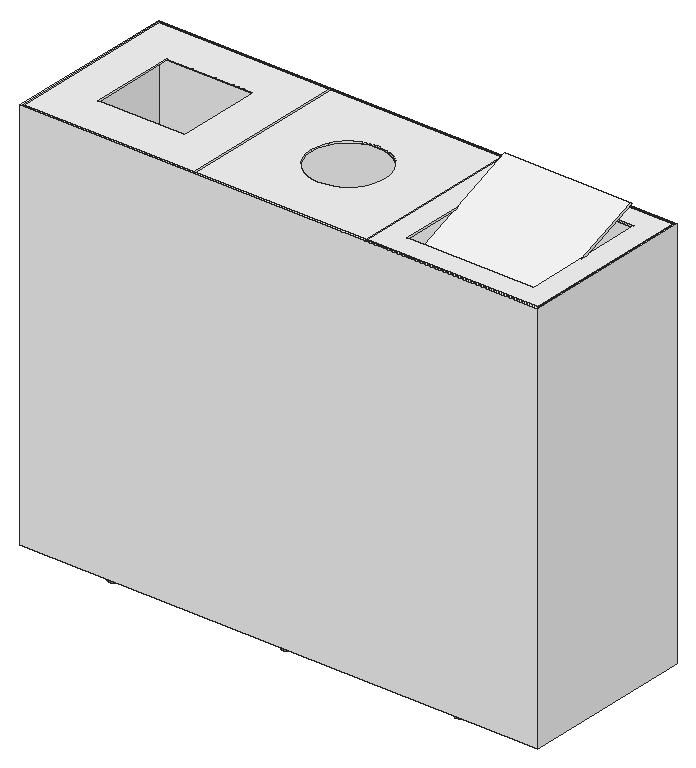
Revit family "REVIT-MG-1054-Pic", category Furniture, Revit 2016
Family settings
  OmniClass Number = 23.40.20.00
  OmniClass Title = General Furniture and Specialties
  Work Plane-Based = No
  Always vertical = Yes
  Cut with Voids When Loaded = No
  Shared = No
  Room Calculation Point = No
Parameters (values of type "MG-1054")
  URL = "www.magnusongroup.com"
  Type Comments = "Stand Alone"  # constant formula
  Salvage or Reuse = yes
  Percentage of Recycled Content = 0
  Model = "MG-1054"
  Manufacturer = "Magnuson Group"  # constant formula
  Low Emitting Material = yes
  Low Emitting Finish = yes
  Revit File Built By = "https://servex-us.com/servex-revit/"
  Description = "Pic Waste Receptacle"
Reference planes (in)
  plane 1 "Center Front/Back": y = 0
  plane 2: z = 0
  plane 3 "Center Left/Right": x = 0
Dimensions and locks (in)
  aligned and locked: level to plane 2
Nested families (in)
  nested 1: "Magnuson-Pic-Receptacle" at (0, 0, 0), type "3D-pic-3x60"
Definition of nested family "Magnuson-Pic-Receptacle"
  Parameters (values of type "3D-pic-3x60")
    Width = 35.315"
    URL = "www.magnusongroup.com"
    UMR = no
    UMC = yes
    ULR = yes
    ULC = no
    U2R = no
    U&B = no
    Type Comments = "PIC RECEPTACLES"  # constant formula
    SWING = no
    P = yes
    Model = "3D-pic-3x60"
    Material = ""
    Manufacturer = "MAGNUSON GROUP"  # constant formula
    M = no
    LID = none
    Keynote = "12500"
    Height = 27.175"  # constant formula
    Glide Offset = if(Width = 17.715", 0.925", 5.9")  # 5.9"
    Glide No = if(Width = 35.315", 3, 2)  # 3
    Glide Gap = if(Width = 11.815", 1 1/2", 0")  # 0"
    Gap = 29 1/2"
    GLIDE = none
    GL = not(Width = 11.815")  # yes
    Feet = if(Width = 11.815", 0", 0.315")  # 0.315"
    Description = "Waste Bin With Recycling, Waste & Paper Tops, 35.3\"x11.8\""
    Depth = 11.815"  # constant formula
    BLR = yes
    BODY = none
    BMR = yes
    Assembly Code = "E2020200"
  Reference planes (in)
    plane 1 "Center Front/Back": y = 0
    plane 2: z = 0
    plane 3 "Center Left/Right": x = 0
    plane 4: z = 27.175
    plane 5: x = 35.315
    plane 6: y = -11.815
    plane 7: z = 0.315
    plane 8: x = 5.9
    plane 9: y = -0.675
    plane 10: y = -11.14
    plane 11: z = 0
    plane 12: z = 0.6
    plane 13: x = 29.5
    plane 14: x = 29.5
    plane 15: x = 17.7
  Forms (in)
    Extrusion 1, solid, material <- "BODY"
      sketch origin (0, 0, 0) x (1, 0, 0) y (0, 1, 0)
        loop
          line (0, 0) -> (0, -11.815) -> (35.315, -11.815) -> (35.315, 0) -> (0, 0)
        loop
          line (0.125, -0.125) -> (0.125, -11.69) -> (35.19, -11.69) -> (35.19, -0.125) -> (0.125, -0.125)
      from 0.315 to 27.175
    Blend 2, solid, material <- "GLIDE", visible <- "GL"
      base sketch origin (4.975, -13.58998, 0.6) x (-1, 0, 0) y (0, -1, 0)
        loop
          circle (-0.925, -12.91498) r 0.56983
      top sketch origin (4.975, -13.58998, 0.6) x (-1, 0, 0) y (0, -1, 0)
        loop
          circle (-0.925, -12.91498) r 0.38431
      from 0 to -0.6
    Blend 3, solid, material <- "GLIDE", visible <- "GL"
      base sketch origin (4.975, -24.05498, 0.6) x (-1, 0, 0) y (0, -1, 0)
        loop
          circle (-0.925, -12.91498) r 0.56983
      top sketch origin (4.975, -24.05498, 0.6) x (-1, 0, 0) y (0, -1, 0)
        loop
          circle (-0.925, -12.91498) r 0.38431
      from 0 to -0.6
    Blend 4, solid, material <- "GLIDE", visible <- "GL"
      base sketch origin (28.575, -13.58998, 0.6) x (-1, 0, 0) y (0, -1, 0)
        loop
          circle (-0.925, -12.91498) r 0.56983
      top sketch origin (28.575, -13.58998, 0.6) x (-1, 0, 0) y (0, -1, 0)
        loop
          circle (-0.925, -12.91498) r 0.38431
      from 0 to -0.6
    Blend 5, solid, material <- "GLIDE", visible <- "GL"
      base sketch origin (28.575, -24.05498, 0.6) x (-1, 0, 0) y (0, -1, 0)
        loop
          circle (-0.925, -12.91498) r 0.56983
      top sketch origin (28.575, -24.05498, 0.6) x (-1, 0, 0) y (0, -1, 0)
        loop
          circle (-0.925, -12.91498) r 0.38431
      from 0 to -0.6
    Blend 6, solid, material <- "GLIDE", visible <- "GL"
      base sketch origin (16.775, -13.58998, 0.6) x (-1, 0, 0) y (0, -1, 0)
        loop
          circle (-0.925, -12.91498) r 0.56983
      top sketch origin (16.775, -13.58998, 0.6) x (-1, 0, 0) y (0, -1, 0)
        loop
          circle (-0.925, -12.91498) r 0.38431
      from 0 to -0.6
    Blend 7, solid, material <- "GLIDE", visible <- "GL"
      base sketch origin (16.775, -24.05498, 0.6) x (-1, 0, 0) y (0, -1, 0)
        loop
          circle (-0.925, -12.91498) r 0.56983
      top sketch origin (16.775, -24.05498, 0.6) x (-1, 0, 0) y (0, -1, 0)
        loop
          circle (-0.925, -12.91498) r 0.38431
      from 0 to -0.6
  Lines and regions (in)
    symbolic lines
      curve 1: line (0, 0, 0) -> (35.315, 0, 0)
      curve 2: line (0, -11.815, 0) -> (0, 0, 0)
      curve 3: line (35.315, -11.815, 0) -> (0, -11.815, 0)
      curve 4: line (35.315, 0, 0) -> (35.315, -11.815, 0)
  Dimensions and locks (in)
    "Height": plane 4 to plane 2
    "Width": plane 3 "Center Left/Right" to plane 5
    "Depth": plane 6 to plane 1 "Center Front/Back"
    "Feet": plane 7 to plane 2
    locked: Extrusion 1 sketch curve to plane 5 at 0.125
    locked: plane 3 "Center Left/Right" to Extrusion 1 sketch curve at 0.125
    locked: Extrusion 1 sketch curve to plane 1 "Center Front/Back" at 0.125
    locked: Extrusion 1 sketch curve to plane 6 at 0.125
    "Glide Offset": plane 3 "Center Left/Right" to plane 8
    locked: plane 9 to plane 1 "Center Front/Back" at 0.675
    locked: plane 6 to plane 10 at 0.675
    locked: plane 11 to plane 12 at 0.6
    "Glide Gap": plane 2 to plane 11
    "Gap": plane 3 "Center Left/Right" to plane 13
    equal spacing: group 1, group 3, group 2  (x3)
    aligned and locked: level to plane 2
    aligned and locked: plane 1 "Center Front/Back" to Extrusion 1 sketch curve
    aligned and locked: plane 3 "Center Left/Right" to Extrusion 1 sketch curve
    aligned and locked: plane 6 to Extrusion 1 sketch curve
    aligned and locked: plane 5 to Extrusion 1 sketch curve
    aligned and locked: Extrusion 1 to plane 7
    aligned and locked: plane 4 to Extrusion 1
    aligned and locked: plane 3 "Center Left/Right" to nested 1
    aligned and locked: plane 1 "Center Front/Back" to nested 1
    aligned and locked: plane 1 "Center Front/Back" to curve 1
    aligned and locked: plane 3 "Center Left/Right" to curve 2
    aligned and locked: curve 3 to Extrusion 1
    aligned and locked: curve 4 to Extrusion 1
    aligned and locked: plane 8 to Blend 2 sketch curve  (x2)
    aligned and locked: plane 8 to Blend 3 sketch curve  (x2)
    aligned and locked: plane 11 to Blend 3
    aligned and locked: plane 11 to Blend 2
    aligned and locked: Blend 2 to plane 12
    aligned and locked: Blend 3 to plane 12
    aligned and locked: plane 14 to Blend 4 sketch curve  (x2)
    aligned and locked: plane 14 to Blend 5 sketch curve  (x2)
    aligned and locked: plane 14 to plane 13
    aligned and locked: Blend 5 to Blend 3  (x2)
    aligned and locked: Blend 4 to Blend 2
    aligned and locked: Blend 4 to Blend 3
    aligned and locked: Blend 3 to Blend 5
    aligned and locked: plane 15 to Blend 6 sketch curve  (x2)
    aligned and locked: plane 15 to Blend 7 sketch curve  (x2)
  Automatic sketch dimensions
    radius of Blend 2 sketch curve = 0.56983"
    radius of Blend 2 sketch curve = 0.38431"
    radius of Blend 3 sketch curve = 0.56983"
    radius of Blend 3 sketch curve = 0.38431"
    radius of Blend 4 sketch curve = 0.56983"
    radius of Blend 4 sketch curve = 0.38431"
    radius of Blend 5 sketch curve = 0.56983"
    radius of Blend 5 sketch curve = 0.38431"
    radius of Blend 6 sketch curve = 0.56983"
    radius of Blend 6 sketch curve = 0.38431"
    radius of Blend 7 sketch curve = 0.56983"
    radius of Blend 7 sketch curve = 0.38431"
  Nested families (in)
    nested 1: "Lid" at (0, 0, 0), UMR <- "UMR", UMC <- "UMC", ULR <- "ULR", UCL <- "ULC", U2R <- "U2R", U&B <- "U&B", P <- "P", M <- "M", BRL <- "BLR", BMR <- "BMR", Feet <- "Feet", LID <- "LID", BODY <- "BODY", SWING <- "SWING", W <- "Width", type "LD"
      with W 35.315", UMR no, UMC yes, ULR yes, UCL no, U2R no, U&B no, SWING no, P yes, M no, LID none, Feet 0.315", BRL yes, BODY none, BMR yes
  Definition of nested family "Lid"
    Parameters (values of type "LD")
      W [instance] = 16"
      URL = ""
      UMR [instance] = yes
      UMC [instance] = yes
      ULR [instance] = yes
      UCL [instance] = yes
      U2R [instance] = yes
      U&B [instance] = yes
      Type Comments = ""
      SWING [instance] = yes
      P [instance] = yes
      Model = ""
      Manufacturer = ""
      M [instance] = yes
      LID [instance] = none
      Keynote = ""
      Feet [instance] = 0.315"
      Description = ""
      BRL [instance] = yes
      BODY [instance] = none
      BMR [instance] = yes
      Assembly Code = ""
    Reference planes (in)
      plane 1 "Center Front/Back": y = 0
      plane 2: z = 0
      plane 3 "Center Left/Right": x = 0
      plane 4: z = 27.175
      plane 5: y = -11.815
      plane 6: z = 0.315
      plane 7: x = 5.9
      plane 8: x = 11.8125
      plane 9: y = -0.125
      plane 10: y = -11.69
      plane 11: x = 23.56413
      plane 12: x = 17.65807
      plane 13: x = 35.315
      plane 14: x = 35.19
      plane 15: z = 0.59059
      plane 16: z = 0.69059
      plane 17: z = 27.075
      plane 18: x = 0.125
      plane 19: y = -5.9075
      plane 20: through (0, -5.9075, 27.075) normal (0, 0.3584, -0.9336)
      plane 21: through (0, -5.94334, 27.16836) normal (0, 0.3584, -0.9336)
      plane 22: x = 8
      plane 23: x = 16
    Forms (in)
      Extrusion 1, solid, material <- "BODY", visible <- "M"
        sketch origin (0, 0, 0) x (1, 0, 0) y (0, 1, 0)
          loop
            line (17.59557, -0.125) -> (17.59557, -11.69) -> (17.72057, -11.69) -> (17.72057, -0.125) -> (17.59557, -0.125)
        from 0.59059 to 27.175
      Extrusion 2, solid, material <- "LID", visible <- "UCL"
        sketch origin (0, 0, 0) x (1, 0, 0) y (0, 1, 0)
          loop
            line (11.75, -0.125) -> (0.125, -0.125) -> (0.125, -11.69) -> (11.75, -11.69) -> (11.75, -0.125)
          loop
            circle (5.9, -5.9075) r 2.52491
        from 27.075 to 27.175
      Extrusion 3, solid, material <- "LID", visible <- "BRL"
        sketch origin (0, 0, 0) x (1, 0, 0) y (0, 1, 0)
          loop
            line (0.125, -0.125) -> (0.125, -11.69) -> (11.75, -11.69) -> (11.75, -0.125) -> (0.125, -0.125)
          loop
            line (2.96836, -8.8545) -> (8.83164, -8.8545) -> (8.83164, -2.96836) -> (2.96836, -2.96836) -> (2.96836, -8.8545)
        from 0.59059 to 0.69059
      Extrusion 4, solid, material <- "LID", visible <- "U&B"
        sketch origin (0, 0, 0) x (1, 0, 0) y (0, 1, 0)
          loop
            line (0.125, -0.125) -> (0.125, -11.69) -> (17.59557, -11.69) -> (17.59557, -0.125) -> (0.125, -0.125)
          loop
            circle (4.88602, -5.9075) r 2.5
          loop
            circle (12.83454, -5.9075) r 2.5
        from 27.075 to 27.175
      Extrusion 5, solid, material <- "LID", visible <- "U&B"
        sketch origin (0, 0, 0) x (1, 0, 0) y (0, 1, 0)
          loop
            line (0.125, -0.125) -> (0.125, -11.69) -> (17.59557, -11.69) -> (17.59557, -0.125) -> (0.125, -0.125)
        from 0.69059 to 0.59059
      Extrusion 6, solid, material <- "LID", visible <- "ULR"
        sketch origin (0, 0, 0) x (1, 0, 0) y (0, 1, 0)
          loop
            line (2.9502, -2.9502) -> (2.9502, -8.8545) -> (8.8498, -8.8545) -> (8.8498, -2.9502) -> (2.9502, -2.9502)
          loop
            line (0.125, -0.125) -> (0.125, -11.69) -> (11.75, -11.69) -> (11.75, -0.125) -> (0.125, -0.125)
        from 27.075 to 27.175
      Extrusion 7, solid, material <- "LID", visible <- "U2R"
        sketch origin (0, 0, 0) x (1, 0, 0) y (0, 1, 0)
          loop
            line (0.125, -0.125) -> (0.125, -11.69) -> (17.59557, -11.69) -> (17.59557, -0.125) -> (0.125, -0.125)
          loop
            line (17.72057, -0.125) -> (17.72057, -11.69) -> (35.19, -11.69) -> (35.19, -0.125) -> (17.72057, -0.125)
          loop
            line (2.11479, -2.06892) -> (2.11479, -9.74608) -> (15.65804, -9.74608) -> (15.65804, -2.06892) -> (2.11479, -2.06892)
          loop
            line (33.20134, -2.06892) -> (19.65809, -2.06892) -> (19.65809, -9.74608) -> (33.20134, -9.74608) -> (33.20134, -2.06892)
        from 27.075 to 27.175
      Extrusion 8, solid, material <- "LID", visible <- "U2R"
        sketch origin (0, 0, 0) x (1, 0, 0) y (0, 1, 0)
          loop
            line (0.125, -0.125) -> (0.125, -11.69) -> (17.59557, -11.69) -> (17.59557, -0.125) -> (0.125, -0.125)
          loop
            line (17.72057, -0.125) -> (17.72057, -11.69) -> (35.19, -11.69) -> (35.19, -0.125) -> (17.72057, -0.125)
          loop
            line (2.79958, -2.97351) -> (2.79958, -8.84149) -> (10.04602, -8.84149) -> (10.04602, -2.97351) -> (2.79958, -2.97351)
          loop
            line (32.51655, -2.97351) -> (25.27011, -2.97351) -> (25.27011, -8.84149) -> (32.51655, -8.84149) -> (32.51655, -2.97351)
        from 0.59059 to 0.69059
      Extrusion 9, solid, material <- "LID", visible <- "BMR"
        sketch origin (0, 0, 0) x (1, 0, 0) y (0, 1, 0)
          loop
            line (11.875, -0.125) -> (11.875, -11.69) -> (23.50163, -11.69) -> (23.50163, -0.125) -> (11.875, -0.125)
          loop
            line (14.7675, -2.96443) -> (14.7675, -8.85057) -> (20.65364, -8.85057) -> (20.65364, -2.96443) -> (14.7675, -2.96443)
        from 0.69059 to 0.59059
      Extrusion 10, solid, material <- "LID", visible <- "UMC"
        sketch origin (0, 0, 0) x (1, 0, 0) y (0, 1, 0)
          loop
            line (11.875, -0.125) -> (11.875, -11.69) -> (23.50163, -11.69) -> (23.50163, -0.125) -> (11.875, -0.125)
          loop
            circle (17.65807, -5.9075) r 2.53676
        from 27.075 to 27.175
      Extrusion 11, solid, material <- "LID", visible <- "UMR"
        sketch origin (0, 0, 0) x (1, 0, 0) y (0, 1, 0)
          loop
            line (11.875, -0.125) -> (11.875, -11.69) -> (23.50163, -11.69) -> (23.50163, -0.125) -> (11.875, -0.125)
          loop
            line (14.78566, -2.96443) -> (14.78566, -8.85057) -> (20.6718, -8.85057) -> (20.6718, -2.96443) -> (14.78566, -2.96443)
        from 27.075 to 27.175
      Extrusion 12, solid, material <- "LID", visible <- "P"
        sketch origin (0, 0, 0) x (1, 0, 0) y (0, 1, 0)
          loop
            line (23.62663, -0.125) -> (23.62663, -11.69) -> (35.19, -11.69) -> (35.19, -0.125) -> (23.62663, -0.125)
          loop
            line (25.09689, -1.625) -> (25.09689, -10.19) -> (33.72189, -10.19) -> (33.72189, -1.625) -> (25.09689, -1.625)
        from 27.075 to 27.175
      Extrusion 13, solid, material <- "LID", visible <- "P"
        sketch origin (0, 0, 0) x (1, 0, 0) y (0, 1, 0)
          loop
            line (23.62663, -0.125) -> (23.62663, -11.69) -> (35.19, -11.69) -> (35.19, -0.125) -> (23.62663, -0.125)
          loop
            line (26.47856, -2.96443) -> (26.47856, -8.85057) -> (32.3647, -8.85057) -> (32.3647, -2.96443) -> (26.47856, -2.96443)
        from 0.59059 to 0.69059
      Extrusion 14, solid, material <- "LID", visible <- "SWING"
        sketch origin (0, -11.57983, 27.075) x (-1, 0, 0) y (0, 1, 0)
          loop
            line (-0.125, 11.45483) -> (-16.125, 11.45483) -> (-16.125, -0.11017) -> (-0.125, -0.11017) -> (-0.125, 11.45483)
          loop
            line (-3.6875, 9.95483) -> (-12.3125, 9.95483) -> (-12.3125, 1.38983) -> (-3.6875, 1.38983) -> (-3.6875, 9.95483)
        from 0 to -0.1
      Extrusion 15, solid, material <- "LID", visible <- "SWING"
        sketch origin (0, -5.9075, 27.075) x (0, -0.93358, -0.358368) y (-1, 0, 0)
          loop
            line (4.22639, -3.6875) -> (-4.33361, -3.6875) -> (-4.33361, -12.3125) -> (4.22639, -12.3125) -> (4.22639, -3.6875)
        from 0 to -0.1
      Extrusion 16, solid, material <- "LID", visible <- "P"
        sketch origin (3.56879, -5.9075, 27.075) x (0, -0.93358, -0.358368) y (-1, 0, 0)
          loop
            line (4.22639, -21.52811) -> (-4.33361, -21.52811) -> (-4.33361, -30.15311) -> (4.22639, -30.15311) -> (4.22639, -21.52811)
        from 0 to -0.1
    Lines and regions (in)
      symbolic lines, visible <- "U&B"
        curve 1: circle (4.88602, -5.9075, 0) r 2.5 normal (0, 0, -1)
        curve 2: circle (12.83454, -5.9075, 0) r 2.5 normal (0, 0, -1)
      symbolic lines, visible <- "U2R"
        curve 3: line (2.11479, -2.06892, 0) -> (15.65804, -2.06892, 0)
        curve 4: line (2.11479, -9.74608, 0) -> (2.11479, -2.06892, 0)
        curve 5: line (15.65804, -9.74608, 0) -> (2.11479, -9.74608, 0)
        curve 6: line (15.65804, -2.06892, 0) -> (15.65804, -9.74608, 0)
        curve 7: line (19.65809, -2.06892, 0) -> (33.20134, -2.06892, 0)
        curve 8: line (19.65809, -9.74608, 0) -> (19.65809, -2.06892, 0)
        curve 9: line (33.20134, -9.74608, 0) -> (19.65809, -9.74608, 0)
        curve 10: line (33.20134, -2.06892, 0) -> (33.20134, -9.74608, 0)
        curve 19: line (17.65807, 0, 0) -> (17.65807, -11.815, 0)
      symbolic lines, visible <- "UMC"
        curve 11: circle (17.65807, -5.9075, 0) r 2.53676 normal (0, 0, -1)
        curve 17: line (11.8125, 0, 0) -> (11.8125, -11.815, 0)
      symbolic lines, visible <- "UMR"
        curve 12: line (14.7675, -2.96443, 0) -> (20.6718, -2.96443, 0)
        curve 13: line (14.7675, -8.85057, 0) -> (14.7675, -2.96443, 0)
        curve 14: line (20.6718, -8.85057, 0) -> (14.7675, -8.85057, 0)
        curve 15: line (20.6718, -2.96443, 0) -> (20.6718, -8.85057, 0)
        curve 24: line (11.8125, 0, 0) -> (11.8125, -11.815, 0)
      symbolic lines, visible <- "UCL"
        curve 16: circle (5.9, -5.9075, 0) r 2.52491 normal (0, 0, 1)
      symbolic lines, visible <- "P"
        curve 18: line (23.56413, 0, 0) -> (23.56413, -11.815, 0)
        curve 29: line (25.09689, -1.625, 0) -> (33.72189, -1.625, 0)
        curve 30: line (25.09689, -9.88901, 0) -> (25.09689, -1.625, 0)
        curve 31: line (33.72189, -9.88901, 0) -> (25.09689, -9.88901, 0)
        curve 32: line (33.72189, -1.625, 0) -> (33.72189, -9.88901, 0)
      symbolic lines, visible <- "ULR"
        curve 20: line (2.9502, -2.9502, 0) -> (8.8498, -2.9502, 0)
        curve 21: line (2.9502, -8.8545, 0) -> (2.9502, -2.9502, 0)
        curve 22: line (8.8498, -8.8545, 0) -> (2.9502, -8.8545, 0)
        curve 23: line (8.8498, -2.9502, 0) -> (8.8498, -8.8545, 0)
      symbolic lines, visible <- "SWING"
        curve 25: line (3.6875, -1.625, 0) -> (12.3125, -1.625, 0)
        curve 26: line (3.6875, -10.19, 0) -> (3.6875, -1.625, 0)
        curve 27: line (12.3125, -10.19, 0) -> (3.6875, -10.19, 0)
        curve 28: line (12.3125, -1.625, 0) -> (12.3125, -10.19, 0)
    Dimensions and locks (in)
      plane 4 to plane 2 = 27.175"
      plane 5 to plane 1 "Center Front/Back" = 11.815"
      "Feet": plane 6 to plane 2
      plane 3 "Center Left/Right" to plane 7 = 5.9"
      locked: plane 3 "Center Left/Right" to plane 8 at 11.8125
      locked: plane 5 to plane 10 at 0.125
      locked: plane 9 to plane 1 "Center Front/Back" at 0.125
      plane 8 to plane 12 to plane 11 = 5.84557" locked, 5.90606" locked
      Extrusion 1 sketch curve to plane 12 to Extrusion 1 sketch curve = 1/16" locked, 1/16" locked
      plane 16 to plane 15 to plane 6 = 0.1" locked, 0.27559" locked
      locked: plane 17 to plane 4 at 0.1
      equal spacing: plane 1 "Center Front/Back", plane 19, plane 5
      Extrusion 3 sketch curve to plane 7 to Extrusion 3 sketch curve = 2.93164" locked, 2.93164" locked
      Extrusion 3 sketch curve to plane 19 to Extrusion 3 sketch curve = 2.947" locked, 2.93914" locked
      Extrusion 6 sketch curve to plane 7 to Extrusion 6 sketch curve = 2.9498" locked, 2.9498" locked
      Extrusion 6 sketch curve to plane 19 to Extrusion 6 sketch curve = 2.9573" locked, 2.947" locked
      plane 3 "Center Left/Right" to Extrusion 7 sketch curve to Extrusion 7 sketch curve to Extrusion 7 sketch curve to Extrusion 7 sketch curve = 2.11479" locked, 13.54325" locked, 4.00005" locked, 13.54325" locked
      Extrusion 7 sketch curve to plane 19 to Extrusion 7 sketch curve = 3.83858" locked, 3.83858" locked
      plane 3 "Center Left/Right" to Extrusion 8 sketch curve to Extrusion 8 sketch curve to Extrusion 8 sketch curve to Extrusion 8 sketch curve = 2.79958" locked, 7.24644" locked, 15.22409" locked, 7.24644" locked
      Extrusion 8 sketch curve to plane 19 to Extrusion 8 sketch curve = 2.93399" locked, 2.93399" locked
      Extrusion 9 sketch curve to plane 12 to Extrusion 9 sketch curve = 2.89057" locked, 2.99558" locked
      Extrusion 9 sketch curve to plane 19 to Extrusion 9 sketch curve = 2.94307" locked, 2.94307" locked
      Extrusion 11 sketch curve to plane 12 to Extrusion 11 sketch curve = 2.87241" locked, 3.01374" locked
      Extrusion 11 sketch curve to plane 19 to Extrusion 11 sketch curve = 2.94307" locked, 2.94307" locked
      Extrusion 13 sketch curve to Extrusion 13 sketch curve to plane 13 = 5.88615" locked, 2.9503" locked
      Extrusion 13 sketch curve to Extrusion 13 sketch curve to plane 1 "Center Front/Back" = 5.88615" locked, 2.96443" locked
      locked: plane 20 to plane 21 at 0.1
      locked: Extrusion 14 sketch curve to Extrusion 14 sketch curve at 8.625
      equal spacing: Extrusion 14 sketch curve, plane 22, Extrusion 14 sketch curve
      locked: plane 23 to Extrusion 14 at 0.125
      "W": plane 3 "Center Left/Right" to plane 23
      equal spacing: plane 3 "Center Left/Right", plane 22, plane 23
      aligned and locked: level to plane 2
      aligned and locked: plane 4 to Extrusion 1
      aligned and locked: Extrusion 1 to plane 9
      aligned and locked: plane 10 to Extrusion 1
      aligned and locked: plane 10 to Extrusion 2 sketch curve
      aligned and locked: Extrusion 2 sketch curve to plane 18
      aligned and locked: plane 7 to Extrusion 2 sketch curve
      aligned and locked: plane 19 to Extrusion 2 sketch curve
      aligned and locked: plane 4 to Extrusion 2
      aligned and locked: plane 17 to Extrusion 2
      aligned and locked: plane 9 to Extrusion 3 sketch curve
      aligned and locked: plane 18 to Extrusion 3 sketch curve
      aligned and locked: Extrusion 3 to plane 16
      aligned and locked: Extrusion 3 to plane 15
      aligned and locked: plane 9 to Extrusion 4 sketch curve
      aligned and locked: Extrusion 4 sketch curve to Extrusion 1
      aligned and locked: plane 19 to Extrusion 4 sketch curve
      aligned and locked: plane 4 to Extrusion 4
      aligned and locked: plane 17 to Extrusion 4
      aligned and locked: plane 9 to Extrusion 5 sketch curve
      aligned and locked: plane 18 to Extrusion 5 sketch curve
      aligned and locked: Extrusion 5 sketch curve to Extrusion 1  (x2)
      aligned and locked: Extrusion 5 to plane 16
      aligned and locked: Extrusion 5 to plane 15
      aligned and locked: Extrusion 6 sketch curve to Extrusion 5  (x2)
      aligned and locked: plane 4 to Extrusion 6
      aligned and locked: plane 17 to Extrusion 6
      aligned and locked: Extrusion 7 sketch curve to Extrusion 5  (x3)
      aligned and locked: Extrusion 7 sketch curve to Extrusion 1  (x3)
      aligned and locked: Extrusion 7 sketch curve to plane 10
      aligned and locked: plane 14 to Extrusion 7 sketch curve
      aligned and locked: Extrusion 7 sketch curve to Extrusion 7 sketch curve  (x2)
      aligned and locked: plane 4 to Extrusion 7
      aligned and locked: plane 17 to Extrusion 7
      aligned and locked: Extrusion 8 sketch curve to Extrusion 5  (x3)
      aligned and locked: Extrusion 8 sketch curve to Extrusion 1  (x2)
      aligned and locked: plane 9 to Extrusion 8 sketch curve
      aligned and locked: Extrusion 8 sketch curve to plane 10
      aligned and locked: plane 14 to Extrusion 8 sketch curve
      aligned and locked: Extrusion 8 sketch curve to Extrusion 8 sketch curve  (x2)
      aligned and locked: Extrusion 8 to plane 15
      aligned and locked: plane 16 to Extrusion 8
      aligned and locked: Extrusion 9 to plane 16
      aligned and locked: Extrusion 9 to plane 15
      aligned and locked: plane 9 to Extrusion 10 sketch curve
      aligned and locked: plane 19 to Extrusion 10 sketch curve
      aligned and locked: plane 12 to Extrusion 10 sketch curve
      aligned and locked: plane 4 to Extrusion 10
      aligned and locked: plane 17 to Extrusion 10
      aligned and locked: plane 4 to Extrusion 11
      aligned and locked: plane 17 to Extrusion 11
      aligned and locked: Extrusion 12 sketch curve to plane 10
      aligned and locked: plane 14 to Extrusion 12 sketch curve
      aligned and locked: plane 4 to Extrusion 12
      aligned and locked: plane 17 to Extrusion 12
      aligned and locked: Extrusion 13 sketch curve to plane 10
      aligned and locked: plane 14 to Extrusion 13 sketch curve
      aligned and locked: Extrusion 13 to plane 15
      aligned and locked: plane 16 to Extrusion 13
      aligned and locked: Extrusion 1 to plane 15
      aligned and locked: plane 9 to Extrusion 14 sketch curve
      aligned and locked: Extrusion 14 sketch curve to plane 10
      aligned and locked: plane 4 to Extrusion 14
      aligned and locked: Extrusion 15 to Extrusion 14  (x2)
      aligned and locked: curve 13 to Extrusion 9
      aligned and locked: curve 2 to Extrusion 4
      aligned and locked: curve 1 to Extrusion 4
      aligned and locked: curve 6 to Extrusion 7
      aligned and locked: curve 25 to Extrusion 14
      aligned and locked: curve 26 to Extrusion 14
      aligned and locked: curve 27 to Extrusion 14
      aligned and locked: curve 28 to Extrusion 14
      aligned and locked: curve 4 to Extrusion 7
      aligned and locked: curve 21 to Extrusion 6
      aligned and locked: curve 23 to Extrusion 6
    Automatic sketch dimensions
      plane 10 to Extrusion 1 sketch curve = 0"
      plane 9 to Extrusion 1 sketch curve = 0"
      plane 9 to Extrusion 2 sketch curve = 0"
      Extrusion 2 sketch curve to plane 8 = 1/16"
      plane 10 to Extrusion 3 sketch curve = 0"
      Extrusion 3 sketch curve to plane 8 = 1/16"
      Extrusion 4 sketch curve to plane 18 = 0"
      Extrusion 4 sketch curve to plane 19 = 0"
      Extrusion 4 sketch curve to plane 7 = 1.01398"
      plane 8 to Extrusion 4 sketch curve = 1.02204"
      Extrusion 4 sketch curve to plane 12 = 1/16"
      plane 10 to Extrusion 6 sketch curve = 0"
      Extrusion 6 sketch curve to plane 8 = 1/16"
      Extrusion 8 sketch curve to plane 12 = 1/16"
      plane 10 to Extrusion 9 sketch curve = 0"
      plane 9 to Extrusion 9 sketch curve = 0"
      plane 8 to Extrusion 9 sketch curve = 1/16"
      Extrusion 9 sketch curve to plane 11 = 1/16"
      plane 10 to Extrusion 10 sketch curve = 0"
      plane 8 to Extrusion 10 sketch curve = 1/16"
      Extrusion 10 sketch curve to plane 11 = 1/16"
      plane 10 to Extrusion 11 sketch curve = 0"
      plane 9 to Extrusion 11 sketch curve = 0"
      plane 8 to Extrusion 11 sketch curve = 1/16"
      Extrusion 11 sketch curve to plane 11 = 1/16"
      plane 9 to Extrusion 13 sketch curve = 0"
      plane 11 to Extrusion 13 sketch curve = 1/16"
      Extrusion 14 sketch curve to plane 18 = 0"
      Extrusion 14 sketch curve to plane 23 = 1/8"
      plane 9 to Extrusion 14 sketch curve = 1 1/2"
      Extrusion 14 sketch curve to plane 10 = 1 1/2"
      Extrusion 15 sketch curve to plane 7 = 2.2125"
      Extrusion 15 sketch curve to Extrusion 15 sketch curve = 8.56"
      plane 8 to Extrusion 15 sketch curve = 1/2"
      Extrusion 16 sketch curve to plane 13 = 10.21811"
      Extrusion 16 sketch curve to Extrusion 16 sketch curve = 8.56"
      Extrusion 16 sketch curve to Extrusion 16 sketch curve = 8 5/8"
      plane 9 to Extrusion 12 sketch curve = 0"
      plane 11 to Extrusion 12 sketch curve = 1/16"
      plane 9 to Extrusion 12 sketch curve = 1 1/2"
      Extrusion 12 sketch curve to plane 13 = 10.21811"
      Extrusion 12 sketch curve to Extrusion 12 sketch curve = 8 5/8"
      Extrusion 12 sketch curve to plane 10 = 1 1/2"
      curve 16 to plane 7 = 0"
      plane 1 "Center Front/Back" to curve 17 = 0"
      curve 17 to plane 8 = 0"
      curve 24 to plane 5 = 0"
      curve 24 to plane 8 = 0"
      curve 19 to plane 5 = 0"
      curve 19 to plane 12 = 0"
      curve 11 to plane 12 = 0"
      plane 1 "Center Front/Back" to curve 18 = 0"
      curve 18 to plane 11 = 0"
      curve 17 to plane 5 = 0"
      curve 18 to plane 5 = 0"
      curve 11 to plane 19 = 0"
      curve 16 to plane 19 = 0"
      plane 1 "Center Front/Back" to curve 24 = 0"
      plane 1 "Center Front/Back" to curve 19 = 0"
      plane 12 to curve 8 = 2.00003"
      curve 8 to curve 15 = 1.01371"
      plane 11 to curve 30 = 1.53277"
      plane 14 to curve 7 = 1.98866"
      curve 7 to curve 29 = 0.52055"
      curve 31 to plane 10 = 1.80099"
      curve 26 to curve 5 = 0.44392"
      curve 31 to curve 9 = 0.14294"
      curve 23 to plane 10 = 2.8355"
      curve 5 to curve 14 = 0.8955"
      plane 9 to curve 12 = 2.83943"
      curve 21 to curve 25 = 1.3252"
      curve 12 to curve 8 = 0.8955"
      curve 20 to curve 3 = 0.88127"
      plane 9 to curve 29 = 1 1/2"
      radius of Extrusion 2 sketch curve = 2.52491"
      radius of Extrusion 4 sketch curve = 2 1/2"  (x2)
      radius of Extrusion 10 sketch curve = 2.53676"
      radius of curve 11 = 2.53676"
      radius of curve 16 = 2.52491"
